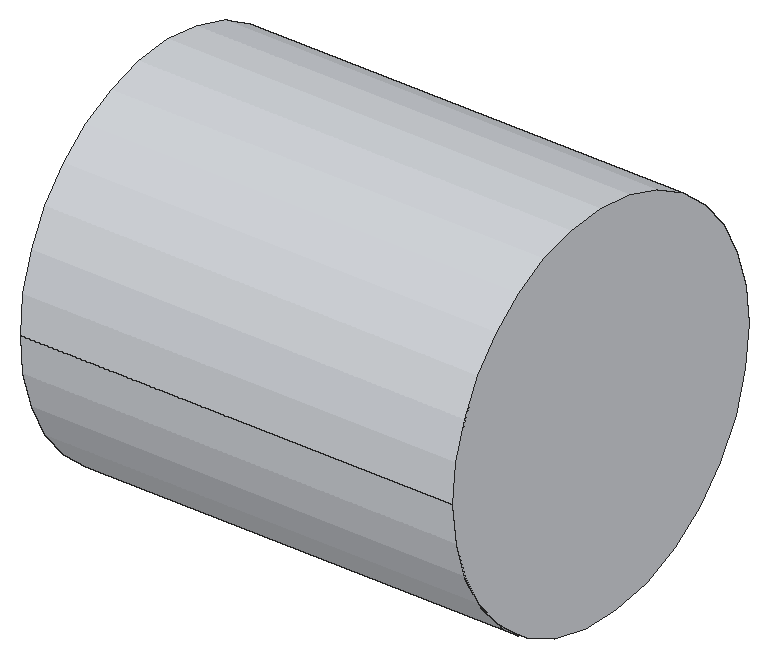
Revit family "abb0d8e04087473aaf9b845bf4a75e36", category Pipe Fittings, Revit 2021
Family settings
  Round Connector Dimension = Use Radius
  Part Type = Cap
  OmniClass Number = 23.60.30.11.14
  OmniClass Title = Pipework Fittings
  Seek Item ID = Cap - Welded - Generic-0000-USA-ENU
  Work Plane-Based = No
  Always vertical = Yes
  Cut with Voids When Loaded = No
  Shared = No
Parameters (values of type "Standard")
  Nominal Radius [instance] = 1/4"
  Nominal Diameter [instance] = Nominal Radius * 2  # 1/2"
  Loss Method = Not Defined
  Lookup Table Name = "Cap - Welded - Generic"
  Height [instance] = size_lookup(Lookup Table Name, "Hgt", 0.28 * Nominal Diameter + 1 101/128", Nominal Diameter)  # 0.98425"
  Fitting Outside Radius [instance] = Fitting Outside Diameter / 2  # 0.41929"
  Fitting Outside Diameter [instance] = size_lookup(Lookup Table Name, "FOD", Nominal Diameter + 105/256", Nominal Diameter)  # 0.83858"
  Default Elevation = 0' - 0"
Reference planes (in)
  plane 1 "Center (Front/Back)": y = 0
  plane 2: z = 0
  plane 3 "Center (Left/Right)": x = 0
  plane 4: x = 0.98425
  plane 5: y = 0.41929
  plane 6: y = -0.41929
Forms (in)
  Extrusion 1, solid, detail levels fine
    sketch origin (0, 0, 0) x (0, 1, 0) y (0, 0, 1)
      loop
        circle (0, 0) r 0.41929
    from 0 to 0.98425
Lines and regions (in)
  model lines, detail levels coarse+medium
    curve 1: line (0, 0.41929, 0) -> (0.98425, 0.41929, 0)
    curve 2: line (0, -0.41929, 0) -> (0.98425, -0.41929, 0)
    curve 3: line (0.98425, 0.41929, 0) -> (0.98425, -0.41929, 0)
Dimensions and locks (in)
  "Height": plane 3 "Center (Left/Right)" to plane 4
  "Fitting Outside Radius": plane 5 to plane 1 "Center (Front/Back)"
  "Fitting Outside Radius": plane 1 "Center (Front/Back)" to plane 6
  "Fitting Outside Radius": radius of Extrusion 1 sketch curve
  aligned and locked: plane 1 "Center (Front/Back)" to Extrusion 1 sketch curve
  aligned and locked: plane 2 to Extrusion 1 sketch curve
  aligned and locked: Extrusion 1 to plane 3 "Center (Left/Right)"
  aligned and locked: plane 4 to Extrusion 1
  aligned and locked: plane 3 "Center (Left/Right)" to curve 1
  aligned and locked: plane 3 "Center (Left/Right)" to curve 2
  aligned and locked: plane 4 to curve 2
  aligned and locked: curve 2 to plane 6
  aligned and locked: curve 1 to plane 5
  aligned and locked: plane 6 to curve 3
  aligned and locked: plane 5 to curve 3
  aligned and locked: curve 3 to plane 4
Connectors (in)
  piping at (0, 0, 0), diameter 0.5, driven by "Nominal Radius"
    settings: on Extrusion 1, index 1, connector inside diameter 1/2", connector length 0' - 0", flow factor 0, pipe flow 0 GPM, pressure drop 0.00 psi, fitting loss kfactor 0, connector angle 0.00°, fixture units 0, engagement length 0' - 0", angle of deflection 0.00°, flow configuration 0, flow direction 0, fitting loss method 0, system type 28, joint type 0, gender type 0, connector reference index -1, connector utility 0, adjustable connector no, is connector primary yes, connector description ""
